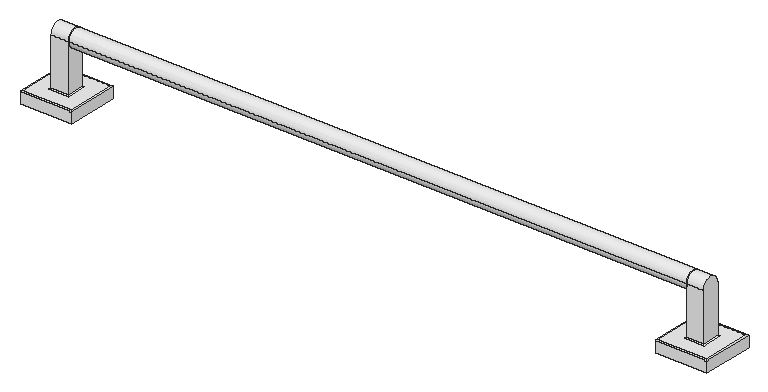
Revit family "Incepa_Acessorios_Suite_Toalheiro Barra 600mm_B8005I3CR0", category Plumbing Fixtures, host Face, Revit 2014
Parameters (values of type "Toalheiro Barra 600mm")
  Waste Connection = no
  WFU = 0
  Vent Connection = no
  URL = "http://www.incepa.com.br"
  Type Comments = ""
  Selo de Qualidade ofcdesk = "Standard"
  Model = "B8005I3CR0"
  Metais [instance] = Celite - Cromado
  Manufacturer = "Incepa"
  Keynote = ""
  Incepa: Versão = "Autodesk Revit MEP 2014"
  Incepa: Tipo = "Toalheiros"
  Incepa: Produto = "Metais"
  Incepa: Norma [instance] = "ABNT NBR 10282: 2003"
  Incepa: Linha = "Suite"
  Incepa: Informações Técnicas = "N/A"
  Incepa: Informações Gerais = "N/A"
  Incepa: Fabricante = "Incepa"
  Incepa: Descrição = "Toalheiro Barra 600mm Suite (B8005I3CR0), Acessórios - Metais Incepa"
  Incepa: Código = "B8005I3CR0"
  Incepa: Cores Disponíveis = "Cromado"
  Incepa: Copyright © = "© 2014 Incepa"
  Incepa: Categoria = "Acessórios"
  Incepa: Altura da Peça [instance] = 0 mm
  HWFU = 0
  HW Connection = no
  Desenvolvido por = "ofcdesk"
  Description = "Toalheiro Barra 600mm Suite (B8005I3CR0), Acessórios - Metais Incepa"
  Default Elevation = 1400 mm
  Cost = 0
  CWFU = 0
  CW Connection = no
  Assembly Code = "D2010"
Reference planes
  plane 1 "Center (Front/Back)": y = 0
  plane 2: z = 0
  plane 3 "Center (Left/Right)": x = 0
Forms (mm)
  Extrusion 1, solid, material "Celite - Cromado" <- "Metais"
    sketch origin (0, 0, 0) x (0, 1, 0) y (0, 0, 1)
      loop
        line (7.5, 0) -> (7.5, 52.5)
        arc (7.5, 52.5) -> (0, 60) -> (-7.5, 52.5) r 7.5
        line (-7.5, 52.5) -> (-7.5, 0) -> (7.5, 0)
    from 270 to 285
  Extrusion 2, solid, material "Celite - Cromado" <- "Metais"
    sketch origin (0, 0, 0) x (0, 1, 0) y (0, 0, 1)
      loop
        line (7.5, 0) -> (7.5, 52.5)
        arc (7.5, 52.5) -> (0, 60) -> (-7.5, 52.5) r 7.5
        line (-7.5, 52.5) -> (-7.5, 0) -> (7.5, 0)
    from -285 to -270
  Extrusion 3, solid, material "Celite - Cromado" <- "Metais"
    sketch origin (0, 0, 0) x (0, 1, 0) y (0, 0, 1)
      loop
        circle (0, 52.5) r 7.5
    from -270 to 270
  Sweep 4, solid, material "Celite - Cromado" <- "Metais"
    path origin (15, 0, 0) x (1, 0, 0) y (0, 1, 0)
      loop
        line (-315, 22.5) -> (-315, -22.5) -> (-270, -22.5) -> (-270, 22.5) -> (-315, 22.5)
    profile origin (-277.5, 22.5, 0) x (0, -1, 0) y (0, 0, 1)
      loop
        line (0, 0) -> (15, 0) -> (15, 11)
        arc (15, 11) -> (14.707, 10.293) -> (14, 10) r 1
        line (14, 10) -> (1, 10)
        arc (1, 10) -> (0.293, 9.707) -> (0, 9) r 1
        line (0, 9) -> (0, 0)
  Sweep 5, solid, material "Celite - Cromado" <- "Metais"
    path origin (-15, 0, 0) x (-1, 0, 0) y (0, 1, 0)
      loop
        line (-315, 22.5) -> (-315, -22.5) -> (-270, -22.5) -> (-270, 22.5) -> (-315, 22.5)
    profile origin (277.5, 22.5, 0) x (0, 1, 0) y (0, 0, 1)
      loop
        line (0, 0) -> (0, 9)
        arc (0, 9) -> (-0.293, 9.707) -> (-1, 10) r 1
        line (-1, 10) -> (-14, 10)
        arc (-14, 10) -> (-14.707, 10.293) -> (-15, 11) r 1
        line (-15, 11) -> (-15, 0) -> (0, 0)
Cuts and joins
  joined: Extrusion 1, Extrusion 2, Sweep 4, Sweep 5
Dimensions and locks
  aligned and locked: plane 2 to host face
  aligned and locked: level to host face
